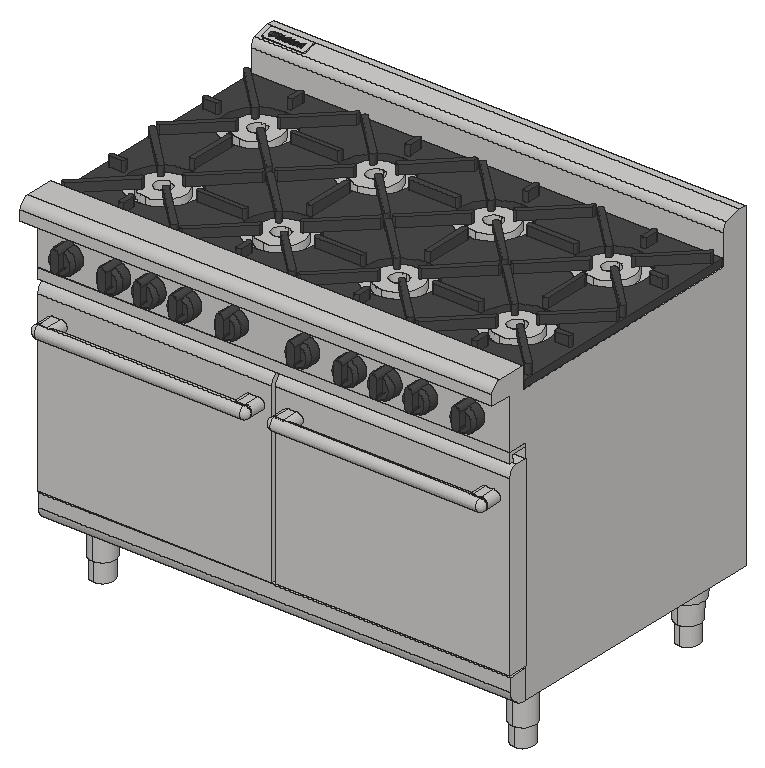
Revit family "QF_MOFFAT WALDORF_RNL8820G", category Specialty Equipment, Revit 2012 (continued)
Forms (in)
  Extrusion 26, solid, material "QF_Finishes_Black"
    sketch origin (41.27685, 0, 0.00923) x (-1, 0, 0) y (0, 0, -1)
      loop
        line (5.44488, -31.06299) -> (5.44488, -32.44095)
        arc (5.44488, -32.44095) -> (5.83858, -32.83465) -> (6.23228, -32.44095) r 0.3937
        line (6.23228, -32.44095) -> (6.23228, -31.06299)
    from 29.88189 to 31.81102
  Revolve 27, solid, material "QF_Finishes_Black"
    sketch origin (39.00194, 1.53049, -0.00307) x (0, 1, 0) y (0, 0, -1)
      loop
        line (-32.31789, -32.65748) -> (-31.41238, -32.65748) -> (-31.41238, -31.5748) -> (-31.01868, -31.5748) -> (-31.01868, -31.37795) -> (-32.75096, -31.37795) -> (-32.75096, -32.42721) -> (-32.31789, -32.65748)
      axis (-32.75096, -31.37795) -> (-31.01868, -31.37795)
    angle from 0 to 360
  Revolve 28, solid, material "QF_Finishes_Black"
    sketch origin (43.72539, 1.53049, -0.00307) x (0, 1, 0) y (0, 0, -1)
      loop
        line (-32.31789, -32.65748) -> (-31.41238, -32.65748) -> (-31.41238, -31.5748) -> (-31.01868, -31.5748) -> (-31.01868, -31.37795) -> (-32.75096, -31.37795) -> (-32.75096, -32.42721) -> (-32.31789, -32.65748)
      axis (-32.75096, -31.37795) -> (-31.01868, -31.37795)
    angle from 0 to 360
  Extrusion 29, solid, material "QF_Finishes_Black"
    sketch origin (44.82111, 0, -0.00307) x (-1, 0, 0) y (0, 0, -1)
      loop
        arc (6.23228, -31.06299) -> (5.83858, -30.66929) -> (5.44488, -31.06299) r 0.3937
        line (5.44488, -31.06299) -> (5.44488, -32.44095)
        arc (5.44488, -32.44095) -> (5.83858, -32.83465) -> (6.23228, -32.44095) r 0.3937
        line (6.23228, -32.44095) -> (6.23228, -31.06299)
    from 29.88189 to 31.81102
  Extrusion 30, solid, material "QF_Finishes_Black"
    sketch origin (49.54456, 0, -0.00307) x (-1, 0, 0) y (0, 0, -1)
      loop
        arc (6.23228, -31.06299) -> (5.83858, -30.66929) -> (5.44488, -31.06299) r 0.3937
        line (5.44488, -31.06299) -> (5.44488, -32.44095)
        arc (5.44488, -32.44095) -> (5.83858, -32.83465) -> (6.23228, -32.44095) r 0.3937
        line (6.23228, -32.44095) -> (6.23228, -31.06299)
    from 29.88189 to 31.81102
  Extrusion 31, solid, material "QF_Door-Drawer Clearances", visible <- "Show Clearance", detail levels coarse
    sketch origin (30.03404, 0, 0) x (0, 1, 0) y (0, 0, 1)
      loop
        arc (-29.48819, 27.45461) -> (-42.56819, 22.03669) -> (-47.9861, 8.95669) r 18.49792
        line (-47.9861, 8.95669) -> (-29.48819, 8.95669) -> (-29.48819, 27.45461)
    from -6.59115 to -30.03404
  Extrusion 32, solid, material "QF_Door-Drawer Clearances", visible <- "Show Clearance", detail levels coarse
    sketch origin (17.21005, 0, 0) x (0, 1, 0) y (0, 0, -1)
      loop
        line (-29.48819, -27.45461) -> (-29.48819, -8.95669) -> (-47.9861, -8.95669)
        arc (-47.9861, -8.95669) -> (-42.56819, -22.03669) -> (-29.48819, -27.45461) r 18.49792
    from -6.59115 to -30.03404
  Extrusion 33, void
    sketch origin (0, 0, 5.90551) x (-1, 0, 0) y (0, -1, 0)
      loop
        line (-44.64521, 3.43545) -> (-44.64521, -1.19053) -> (-39.54678, -1.19053) -> (-39.54678, 1.526) -> (-41.45623, 3.43545) -> (-44.64521, 3.43545)
    from 2.85433 to 21.64789
  Extrusion 34, solid, material "QF_Finishes_Stainless Steel"
    sketch origin (0, -29.48819, 8.95669) x (0, 0, 1) y (-1, 0, 0)
      loop
        line (14.98524, -1.50577) -> (14.98524, -2.30426)
        arc (14.98524, -2.30426) -> (15.57579, -2.89481) -> (16.16634, -2.30426) r 0.59055
        line (16.16634, -2.30426) -> (16.16634, -1.50577)
        arc (16.16634, -1.50577) -> (15.57579, -0.91521) -> (14.98524, -1.50577) r 0.59055
      loop
        arc (14.98524, -22.06847) -> (15.57579, -22.65902) -> (16.16634, -22.06847) r 0.59055
        line (16.16634, -22.06847) -> (16.16634, -21.26998)
        arc (16.16634, -21.26998) -> (15.57579, -20.67943) -> (14.98524, -21.26998) r 0.59055
        line (14.98524, -21.26998) -> (14.98524, -22.06847)
    from 0 to 1.73228
  Revolve 35, solid, material "QF_Finishes_Stainless Steel"
    sketch origin (0, -31.22047, 0) x (1, 0, 0) y (0, 0, 1)
      loop
        arc (22.67133, 24.53248) -> (22.49836, 24.95006) -> (22.08078, 25.12303) r 0.59055
        line (22.08078, 25.12303) -> (1.50577, 25.12303)
        arc (1.50577, 25.12303) -> (1.08818, 24.95006) -> (0.91521, 24.53248) r 0.59055
        line (0.91521, 24.53248) -> (22.67133, 24.53248)
      axis (22.67133, 24.53248) -> (0.91521, 24.53248)
    angle from 0 to 360
  Extrusion 36, solid, material "QF_Finishes_Stainless Steel"
    sketch origin (23.62205, -29.48819, 8.95669) x (0, 0, 1) y (-1, 0, 0)
      loop
        line (14.98524, -1.50577) -> (14.98524, -2.30426)
        arc (14.98524, -2.30426) -> (15.57579, -2.89481) -> (16.16634, -2.30426) r 0.59055
        line (16.16634, -2.30426) -> (16.16634, -1.50577)
        arc (16.16634, -1.50577) -> (15.57579, -0.91521) -> (14.98524, -1.50577) r 0.59055
      loop
        arc (14.98524, -22.06847) -> (15.57579, -22.65902) -> (16.16634, -22.06847) r 0.59055
        line (16.16634, -22.06847) -> (16.16634, -21.26998)
        arc (16.16634, -21.26998) -> (15.57579, -20.67943) -> (14.98524, -21.26998) r 0.59055
        line (14.98524, -21.26998) -> (14.98524, -22.06847)
    from 0 to 1.73228
  Revolve 37, solid, material "QF_Finishes_Stainless Steel"
    sketch origin (23.62205, -31.22047, 0) x (1, 0, 0) y (0, 0, 1)
      loop
        arc (22.67133, 24.53248) -> (22.49836, 24.95006) -> (22.08078, 25.12303) r 0.59055
        line (22.08078, 25.12303) -> (1.50577, 25.12303)
        arc (1.50577, 25.12303) -> (1.08818, 24.95006) -> (0.91521, 24.53248) r 0.59055
        line (0.91521, 24.53248) -> (22.67133, 24.53248)
      axis (22.67133, 24.53248) -> (0.91521, 24.53248)
    angle from 0 to 360
  Extrusion 38, solid, material "QF_Finishes_Stainless Steel"
    sketch origin (0, -2.75591, 33.92913) x (0, -1, 0) y (1, 0, 0)
      loop
        circle (6.59449, 17.71654) r 2.24409
      loop
        circle (18.40551, 17.71654) r 2.24409
      loop
        circle (18.40551, 5.90551) r 2.24409
      loop
        circle (6.59449, 5.90551) r 2.24409
      loop
        circle (18.40551, 29.52756) r 2.24409
      loop
        circle (6.59449, 29.52756) r 2.24409
      loop
        circle (18.40551, 41.33858) r 2.24409
      loop
        circle (6.59449, 41.33858) r 2.24409
      loop
        circle (18.40551, 5.90551) r 0.86614
      loop
        circle (18.40551, 17.71654) r 0.86614
      loop
        circle (18.40551, 29.52756) r 0.86614
      loop
        circle (18.40551, 41.33858) r 0.86614
      loop
        circle (6.59449, 41.33858) r 0.86614
      loop
        circle (6.59449, 29.52756) r 0.86614
      loop
        circle (6.59449, 17.71654) r 0.86614
      loop
        circle (6.59449, 5.90551) r 0.86614
    from 0 to 0.76772
Cuts and joins
  Extrusion 16, Extrusion 33 cuts Extrusion 1
  Extrusion 16 cuts Extrusion 2
Lines and regions (in)
  Split face 1
    outline origin (0, -0.64961, 38.18898) x (0, -0.965926, -0.258819) y (1, 0, 0)
      loop
        line (0.07725, 5.1017) -> (1.16369, 5.1017) -> (1.16369, 5.8891) -> (0.07725, 5.8891) -> (0.07725, 5.1017)
  Split face 2
    outline origin (0, -0.64961, 38.18898) x (0, -0.965926, -0.258819) y (1, 0, 0)
      loop
        line (1.16369, 6.16142) -> (1.16369, 6.94882) -> (0.07725, 6.94882) -> (0.07725, 6.16142) -> (1.16369, 6.16142)
  Split face 3
    outline origin (0, -0.64961, 38.18898) x (0, -0.965926, -0.258819) y (1, 0, 0)
      loop
        line (1.16369, 8.01181) -> (0.07725, 8.01181) -> (0.07725, 7.22441) -> (1.16369, 7.22441) -> (1.16369, 8.01181)
  Split face 4
    outline origin (0, -0.64961, 38.18898) x (0, -0.965926, -0.258819) y (1, 0, 0)
      loop
        line (1.16369, 9.0748) -> (0.07725, 9.0748) -> (0.07725, 8.2874) -> (1.16369, 8.2874) -> (1.16369, 9.0748)
  Split face 5
    outline origin (0, -0.64961, 38.18898) x (0, -0.965926, -0.258819) y (1, 0, 0)
      loop
        line (1.16369, 10.1378) -> (0.07725, 10.1378) -> (0.07725, 9.35039) -> (1.16369, 9.35039) -> (1.16369, 10.1378)
  Split face 6
    outline origin (2.12598, -0.64961, 38.18898) x (0, -0.965926, -0.258819) y (1, 0, 0)
      loop
        line (1.16369, 9.0748) -> (0.07725, 9.0748) -> (0.07725, 8.2874) -> (1.16369, 8.2874) -> (1.16369, 9.0748)
  Split face 7
    outline origin (2.12598, -0.64961, 38.18898) x (0, -0.965926, -0.258819) y (1, 0, 0)
      loop
        line (1.16369, 10.1378) -> (0.07725, 10.1378) -> (0.07725, 9.35039) -> (1.16369, 9.35039) -> (1.16369, 10.1378)
  Split face 8
    outline origin (5.31496, -0.64961, 38.18898) x (0, -0.965926, -0.258819) y (1, 0, 0)
      loop
        line (1.16369, 8.01181) -> (0.07725, 8.01181) -> (0.07725, 7.22441) -> (1.16369, 7.22441) -> (1.16369, 8.01181)
  Split face 9
    outline origin (5.31496, -0.64961, 38.18898) x (0, -0.965926, -0.258819) y (1, 0, 0)
      loop
        line (1.16369, 9.0748) -> (0.07725, 9.0748) -> (0.07725, 8.2874) -> (1.16369, 8.2874) -> (1.16369, 9.0748)
  Split face 10
    outline origin (5.31496, -0.64961, 38.18898) x (0, -0.965926, -0.258819) y (1, 0, 0)
      loop
        line (1.16369, 10.1378) -> (0.07725, 10.1378) -> (0.07725, 9.35039) -> (1.16369, 9.35039) -> (1.16369, 10.1378)
  Split face 11
    outline origin (7.44094, -0.64961, 38.18898) x (0, -0.965926, -0.258819) y (1, 0, 0)
      loop
        line (1.16369, 9.0748) -> (0.07725, 9.0748) -> (0.07725, 8.2874) -> (1.16369, 8.2874) -> (1.16369, 9.0748)
  Split face 12
    outline origin (7.44094, -0.64961, 38.18898) x (0, -0.965926, -0.258819) y (1, 0, 0)
      loop
        line (1.16369, 10.1378) -> (0.07725, 10.1378) -> (0.07725, 9.35039) -> (1.16369, 9.35039) -> (1.16369, 10.1378)
  Split face 13
    outline origin (10.62992, -0.64961, 38.18898) x (0, -0.965926, -0.258819) y (1, 0, 0)
      loop
        line (1.16369, 8.01181) -> (0.07725, 8.01181) -> (0.07725, 7.22441) -> (1.16369, 7.22441) -> (1.16369, 8.01181)
  Split face 14
    outline origin (10.62992, -0.64961, 38.18898) x (0, -0.965926, -0.258819) y (1, 0, 0)
      loop
        line (1.16369, 9.0748) -> (0.07725, 9.0748) -> (0.07725, 8.2874) -> (1.16369, 8.2874) -> (1.16369, 9.0748)
  Split face 15
    outline origin (10.62992, -0.64961, 38.18898) x (0, -0.965926, -0.258819) y (1, 0, 0)
      loop
        line (1.16369, 10.1378) -> (0.07725, 10.1378) -> (0.07725, 9.35039) -> (1.16369, 9.35039) -> (1.16369, 10.1378)
  Split face 16
    outline origin (12.75591, -0.64961, 38.18898) x (0, -0.965926, -0.258819) y (1, 0, 0)
      loop
        line (1.16369, 9.0748) -> (0.07725, 9.0748) -> (0.07725, 8.2874) -> (1.16369, 8.2874) -> (1.16369, 9.0748)
  Split face 17
    outline origin (12.75591, -0.64961, 38.18898) x (0, -0.965926, -0.258819) y (1, 0, 0)
      loop
        line (1.16369, 10.1378) -> (0.07725, 10.1378) -> (0.07725, 9.35039) -> (1.16369, 9.35039) -> (1.16369, 10.1378)
  Split face 18
    outline origin (15.94488, -0.64961, 38.18898) x (0, -0.965926, -0.258819) y (1, 0, 0)
      loop
        line (1.16369, 8.01181) -> (0.07725, 8.01181) -> (0.07725, 7.22441) -> (1.16369, 7.22441) -> (1.16369, 8.01181)
  Split face 19
    outline origin (15.94488, -0.64961, 38.18898) x (0, -0.965926, -0.258819) y (1, 0, 0)
      loop
        line (1.16369, 9.0748) -> (0.07725, 9.0748) -> (0.07725, 8.2874) -> (1.16369, 8.2874) -> (1.16369, 9.0748)
  Split face 20
    outline origin (15.94488, -0.64961, 38.18898) x (0, -0.965926, -0.258819) y (1, 0, 0)
      loop
        line (1.16369, 10.1378) -> (0.07725, 10.1378) -> (0.07725, 9.35039) -> (1.16369, 9.35039) -> (1.16369, 10.1378)
  Split face 21
    outline origin (18.07087, -0.64961, 38.18898) x (0, -0.965926, -0.258819) y (1, 0, 0)
      loop
        line (1.16369, 9.0748) -> (0.07725, 9.0748) -> (0.07725, 8.2874) -> (1.16369, 8.2874) -> (1.16369, 9.0748)
  Split face 22
    outline origin (18.07087, -0.64961, 38.18898) x (0, -0.965926, -0.258819) y (1, 0, 0)
      loop
        line (1.16369, 10.1378) -> (0.07725, 10.1378) -> (0.07725, 9.35039) -> (1.16369, 9.35039) -> (1.16369, 10.1378)
  Split face 23
    outline origin (21.25984, -0.64961, 38.18898) x (0, -0.965926, -0.258819) y (1, 0, 0)
      loop
        line (1.16369, 8.01181) -> (0.07725, 8.01181) -> (0.07725, 7.22441) -> (1.16369, 7.22441) -> (1.16369, 8.01181)
  Split face 24
    outline origin (21.25984, -0.64961, 38.18898) x (0, -0.965926, -0.258819) y (1, 0, 0)
      loop
        line (1.16369, 9.0748) -> (0.07725, 9.0748) -> (0.07725, 8.2874) -> (1.16369, 8.2874) -> (1.16369, 9.0748)
  Split face 25
    outline origin (21.25984, -0.64961, 38.18898) x (0, -0.965926, -0.258819) y (1, 0, 0)
      loop
        line (1.16369, 10.1378) -> (0.07725, 10.1378) -> (0.07725, 9.35039) -> (1.16369, 9.35039) -> (1.16369, 10.1378)
  Split face 26
    outline origin (23.38583, -0.64961, 38.18898) x (0, -0.965926, -0.258819) y (1, 0, 0)
      loop
        line (1.16369, 9.0748) -> (0.07725, 9.0748) -> (0.07725, 8.2874) -> (1.16369, 8.2874) -> (1.16369, 9.0748)
  Split face 27
    outline origin (23.38583, -0.64961, 38.18898) x (0, -0.965926, -0.258819) y (1, 0, 0)
      loop
        line (1.16369, 10.1378) -> (0.07725, 10.1378) -> (0.07725, 9.35039) -> (1.16369, 9.35039) -> (1.16369, 10.1378)
  Split face 28
    outline origin (25.51181, -0.64961, 38.18898) x (0, -0.965926, -0.258819) y (1, 0, 0)
      loop
        line (1.16369, 9.0748) -> (0.07725, 9.0748) -> (0.07725, 8.2874) -> (1.16369, 8.2874) -> (1.16369, 9.0748)
  Split face 29
    outline origin (25.51181, -0.64961, 38.18898) x (0, -0.965926, -0.258819) y (1, 0, 0)
      loop
        line (1.16369, 10.1378) -> (0.07725, 10.1378) -> (0.07725, 9.35039) -> (1.16369, 9.35039) -> (1.16369, 10.1378)
  Split face 30
    outline origin (27.6378, -0.64961, 38.18898) x (0, -0.965926, -0.258819) y (1, 0, 0)
      loop
        line (1.16369, 9.0748) -> (0.07725, 9.0748) -> (0.07725, 8.2874) -> (1.16369, 8.2874) -> (1.16369, 9.0748)
  Split face 31
    outline origin (27.6378, -0.64961, 38.18898) x (0, -0.965926, -0.258819) y (1, 0, 0)
      loop
        line (1.16369, 10.1378) -> (0.07725, 10.1378) -> (0.07725, 9.35039) -> (1.16369, 9.35039) -> (1.16369, 10.1378)
  Split face 32
    outline origin (29.76378, -0.64961, 38.18898) x (0, -0.965926, -0.258819) y (1, 0, 0)
      loop
        line (1.16369, 9.0748) -> (0.07725, 9.0748) -> (0.07725, 8.2874) -> (1.16369, 8.2874) -> (1.16369, 9.0748)
  Split face 33
    outline origin (29.76378, -0.64961, 38.18898) x (0, -0.965926, -0.258819) y (1, 0, 0)
      loop
        line (1.16369, 10.1378) -> (0.07725, 10.1378) -> (0.07725, 9.35039) -> (1.16369, 9.35039) -> (1.16369, 10.1378)
  Split face 34
    outline origin (31.88976, -0.64961, 38.18898) x (0, -0.965926, -0.258819) y (1, 0, 0)
      loop
        line (1.16369, 9.0748) -> (0.07725, 9.0748) -> (0.07725, 8.2874) -> (1.16369, 8.2874) -> (1.16369, 9.0748)
  Split face 35
    outline origin (31.88976, -0.64961, 38.18898) x (0, -0.965926, -0.258819) y (1, 0, 0)
      loop
        line (1.16369, 10.1378) -> (0.07725, 10.1378) -> (0.07725, 9.35039) -> (1.16369, 9.35039) -> (1.16369, 10.1378)
  Split face 36
    outline origin (34.01575, -0.64961, 38.18898) x (0, -0.965926, -0.258819) y (1, 0, 0)
      loop
        line (1.16369, 9.0748) -> (0.07725, 9.0748) -> (0.07725, 8.2874) -> (1.16369, 8.2874) -> (1.16369, 9.0748)
  Split face 37
    outline origin (47.24409, -29.48819, 34.09449) x (-1, 0, 0) y (0, 0, -1)
      loop
        circle (37.9331, 3.90891) r 0.23622
  symbolic lines
    curve 1: line (0, 0, 0) -> (0, -31.69291, 0)
    curve 2: line (47.24409, 0, 0) -> (0, 0, 0)
    curve 3: line (47.24409, -31.69291, 0) -> (47.24409, 0, 0)
    curve 4: line (0, -2.75591, 0) -> (47.24409, -2.75591, 0)
    curve 5: line (0.49213, -2.01709, 0) -> (0.49213, -0.8251, 0)
    curve 6: line (0.49213, -0.8251, 0) -> (4.78346, -0.8251, 0)
    curve 7: line (0.49213, -2.01709, 0) -> (4.78346, -2.01709, 0)
    curve 8: line (4.78346, -0.8251, 0) -> (4.78346, -2.01709, 0)
    curve 9: line (5.1017, -0.87644, 0) -> (5.1017, -1.9892, 0)
    curve 10: line (5.1017, -1.9892, 0) -> (5.8891, -1.9892, 0)
    curve 11: line (5.8891, -1.9892, 0) -> (5.8891, -0.87644, 0)
    curve 12: line (5.8891, -0.87644, 0) -> (5.1017, -0.87644, 0)
    curve 13: line (6.16142, -0.87644, 0) -> (6.16142, -1.9892, 0)
    curve 14: line (6.16142, -1.9892, 0) -> (6.94882, -1.9892, 0)
    curve 15: line (6.94882, -1.9892, 0) -> (6.94882, -0.87644, 0)
    curve 16: line (6.94882, -0.87644, 0) -> (6.16142, -0.87644, 0)
    curve 17: line (7.22441, -0.87644, 0) -> (7.22441, -1.9892, 0)
    curve 18: line (7.22441, -1.9892, 0) -> (8.01181, -1.9892, 0)
    curve 19: line (8.01181, -1.9892, 0) -> (8.01181, -0.87644, 0)
    curve 20: line (8.01181, -0.87644, 0) -> (7.22441, -0.87644, 0)
    curve 21: line (8.2874, -0.87644, 0) -> (8.2874, -1.9892, 0)
    curve 22: line (8.2874, -1.9892, 0) -> (9.0748, -1.9892, 0)
    curve 23: line (9.0748, -1.9892, 0) -> (9.0748, -0.87644, 0)
    curve 24: line (9.0748, -0.87644, 0) -> (8.2874, -0.87644, 0)
    curve 25: line (47.24409, -31.69291, 0) -> (0, -31.69291, 0)
    curve 26: line (9.35039, -0.87644, 0) -> (9.35039, -1.9892, 0)
    curve 27: line (9.35039, -1.9892, 0) -> (10.1378, -1.9892, 0)
    curve 28: line (10.1378, -1.9892, 0) -> (10.1378, -0.87644, 0)
    curve 29: line (10.1378, -0.87644, 0) -> (9.35039, -0.87644, 0)
    curve 30: line (47.24409, -27.91339, 0) -> (0, -27.91339, 0)
    curve 31: line (0, -27.78346, 0) -> (47.24409, -27.78346, 0)
    curve 32: line (47.24409, -2.86354, 0) -> (0, -2.86354, 0)
    curve 33: arc (0.89175, -31.69291, 0) -> (1.34266, -32.09755, 0) -> (1.92476, -32.26552, 0) r 1.3565
    curve 34: line (1.92476, -32.26552, 0) -> (21.10231, -32.26552, 0)
    curve 35: arc (21.10231, -32.26552, 0) -> (21.67492, -32.11209, 0) -> (22.0941, -31.69291, 0) r 1.14522
    curve 36: line (0.23937, -3.71601, 0) -> (4.78405, -8.26069, 0)
    curve 37: line (11.57165, -3.71601, 0) -> (7.02697, -8.26069, 0)
    curve 38: line (0.23937, -14.98478, 0) -> (4.78405, -10.4401, 0)
    curve 39: line (11.57165, -14.98478, 0) -> (7.02697, -10.4401, 0)
    curve 40: line (14.28268, -9.3626, 0) -> (9.36142, -9.3626, 0)
    curve 41: line (14.28268, -21.17363, 0) -> (9.36142, -21.17363, 0)
    curve 42: line (0.23937, -15.53758, 0) -> (4.78405, -20.08226, 0)
    curve 43: line (11.57165, -15.53758, 0) -> (7.02697, -20.08226, 0)
    curve 44: line (0.23937, -26.80635, 0) -> (4.78405, -22.26167, 0)
    curve 45: line (11.57165, -26.80635, 0) -> (7.02697, -22.26167, 0)
    curve 46: arc (5.90551, -11.59449, 0) -> (8.14961, -9.35039, 0) -> (5.90551, -7.1063, 0) r 2.24409
    curve 47: arc (5.90551, -7.1063, 0) -> (3.66142, -9.35039, 0) -> (5.90551, -11.59449, 0) r 2.24409
    curve 48: arc (5.90551, -23.40551, 0) -> (8.14961, -21.16142, 0) -> (5.90551, -18.91732, 0) r 2.24409
    curve 49: arc (5.90551, -18.91732, 0) -> (3.66142, -21.16142, 0) -> (5.90551, -23.40551, 0) r 2.24409
    curve 50: line (10.41339, -0.87644, 0) -> (10.41339, -1.9892, 0)
    curve 51: line (10.41339, -1.9892, 0) -> (11.20079, -1.9892, 0)
    curve 52: line (11.20079, -1.9892, 0) -> (11.20079, -0.87644, 0)
    curve 53: line (11.20079, -0.87644, 0) -> (10.41339, -0.87644, 0)
    curve 54: line (11.47638, -0.87644, 0) -> (11.47638, -1.9892, 0)
    curve 55: line (11.47638, -1.9892, 0) -> (12.26378, -1.9892, 0)
    curve 56: line (12.26378, -1.9892, 0) -> (12.26378, -0.87644, 0)
    curve 57: line (12.26378, -0.87644, 0) -> (11.47638, -0.87644, 0)
    curve 58: line (12.53937, -0.87644, 0) -> (12.53937, -1.9892, 0)
    curve 59: line (12.53937, -1.9892, 0) -> (13.32677, -1.9892, 0)
    curve 60: line (13.32677, -1.9892, 0) -> (13.32677, -0.87644, 0)
    curve 61: line (13.32677, -0.87644, 0) -> (12.53937, -0.87644, 0)
    curve 62: line (13.60236, -0.87644, 0) -> (13.60236, -1.9892, 0)
    curve 63: line (13.60236, -1.9892, 0) -> (14.38976, -1.9892, 0)
    curve 64: line (14.38976, -1.9892, 0) -> (14.38976, -0.87644, 0)
    curve 65: line (14.38976, -0.87644, 0) -> (13.60236, -0.87644, 0)
    curve 66: line (14.66535, -0.87644, 0) -> (14.66535, -1.9892, 0)
    curve 67: line (14.66535, -1.9892, 0) -> (15.45276, -1.9892, 0)
    curve 68: line (15.45276, -1.9892, 0) -> (15.45276, -0.87644, 0)
    curve 69: line (15.45276, -0.87644, 0) -> (14.66535, -0.87644, 0)
    curve 70: line (15.72835, -0.87644, 0) -> (15.72835, -1.9892, 0)
    curve 71: line (15.72835, -1.9892, 0) -> (16.51575, -1.9892, 0)
    curve 72: line (16.51575, -1.9892, 0) -> (16.51575, -0.87644, 0)
    curve 73: line (16.51575, -0.87644, 0) -> (15.72835, -0.87644, 0)
    curve 74: line (16.79134, -0.87644, 0) -> (16.79134, -1.9892, 0)
    curve 75: line (16.79134, -1.9892, 0) -> (17.57874, -1.9892, 0)
    curve 76: line (17.57874, -1.9892, 0) -> (17.57874, -0.87644, 0)
    curve 77: line (17.57874, -0.87644, 0) -> (16.79134, -0.87644, 0)
    curve 78: line (17.85433, -0.87644, 0) -> (17.85433, -1.9892, 0)
    curve 79: line (17.85433, -1.9892, 0) -> (18.64173, -1.9892, 0)
    curve 80: line (18.64173, -1.9892, 0) -> (18.64173, -0.87644, 0)
    curve 81: line (18.64173, -0.87644, 0) -> (17.85433, -0.87644, 0)
    curve 82: line (18.91732, -0.87644, 0) -> (18.91732, -1.9892, 0)
    curve 83: line (18.91732, -1.9892, 0) -> (19.70472, -1.9892, 0)
    curve 84: line (19.70472, -1.9892, 0) -> (19.70472, -0.87644, 0)
    curve 85: line (19.70472, -0.87644, 0) -> (18.91732, -0.87644, 0)
    curve 86: line (19.98032, -0.87644, 0) -> (19.98032, -1.9892, 0)
    curve 87: line (19.98032, -1.9892, 0) -> (20.76772, -1.9892, 0)
    curve 88: line (20.76772, -1.9892, 0) -> (20.76772, -0.87644, 0)
    curve 89: line (20.76772, -0.87644, 0) -> (19.98032, -0.87644, 0)
    curve 90: line (21.04331, -0.87644, 0) -> (21.04331, -1.9892, 0)
    curve 91: line (21.04331, -1.9892, 0) -> (21.83071, -1.9892, 0)
    curve 92: line (21.83071, -1.9892, 0) -> (21.83071, -0.87644, 0)
    curve 93: line (21.83071, -0.87644, 0) -> (21.04331, -0.87644, 0)
    curve 94: line (22.1063, -0.87644, 0) -> (22.1063, -1.9892, 0)
    curve 95: line (22.1063, -1.9892, 0) -> (22.8937, -1.9892, 0)
    curve 96: line (22.8937, -1.9892, 0) -> (22.8937, -0.87644, 0)
    curve 97: line (22.8937, -0.87644, 0) -> (22.1063, -0.87644, 0)
    curve 98: line (23.16929, -0.87644, 0) -> (23.16929, -1.9892, 0)
    curve 99: line (23.16929, -1.9892, 0) -> (23.95669, -1.9892, 0)
    curve 100: line (23.95669, -1.9892, 0) -> (23.95669, -0.87644, 0)
    curve 101: line (23.95669, -0.87644, 0) -> (23.16929, -0.87644, 0)
    curve 102: line (24.23228, -0.87644, 0) -> (24.23228, -1.9892, 0)
    curve 103: line (24.23228, -1.9892, 0) -> (25.01969, -1.9892, 0)
    curve 104: line (25.01969, -1.9892, 0) -> (25.01969, -0.87644, 0)
    curve 105: line (25.01969, -0.87644, 0) -> (24.23228, -0.87644, 0)
    curve 106: line (25.29528, -0.87644, 0) -> (25.29528, -1.9892, 0)
    curve 107: line (25.29528, -1.9892, 0) -> (26.08268, -1.9892, 0)
    curve 108: line (26.08268, -1.9892, 0) -> (26.08268, -0.87644, 0)
    curve 109: line (26.08268, -0.87644, 0) -> (25.29528, -0.87644, 0)
    curve 110: line (26.35827, -0.87644, 0) -> (26.35827, -1.9892, 0)
    curve 111: line (26.35827, -1.9892, 0) -> (27.14567, -1.9892, 0)
    curve 112: line (27.14567, -1.9892, 0) -> (27.14567, -0.87644, 0)
    curve 113: line (27.14567, -0.87644, 0) -> (26.35827, -0.87644, 0)
    curve 114: line (27.42126, -0.87644, 0) -> (27.42126, -1.9892, 0)
    curve 115: line (27.42126, -1.9892, 0) -> (28.20866, -1.9892, 0)
    curve 116: line (28.20866, -1.9892, 0) -> (28.20866, -0.87644, 0)
    curve 117: line (28.20866, -0.87644, 0) -> (27.42126, -0.87644, 0)
    curve 118: line (28.48425, -0.87644, 0) -> (28.48425, -1.9892, 0)
    curve 119: line (28.48425, -1.9892, 0) -> (29.27165, -1.9892, 0)
    curve 120: line (29.27165, -1.9892, 0) -> (29.27165, -0.87644, 0)
    curve 121: line (29.27165, -0.87644, 0) -> (28.48425, -0.87644, 0)
    curve 122: line (29.54724, -0.87644, 0) -> (29.54724, -1.9892, 0)
    curve 123: line (29.54724, -1.9892, 0) -> (30.33465, -1.9892, 0)
    curve 124: line (30.33465, -1.9892, 0) -> (30.33465, -0.87644, 0)
    curve 125: line (30.33465, -0.87644, 0) -> (29.54724, -0.87644, 0)
    curve 126: line (30.61024, -0.87644, 0) -> (30.61024, -1.9892, 0)
    curve 127: line (30.61024, -1.9892, 0) -> (31.39764, -1.9892, 0)
    curve 128: line (31.39764, -1.9892, 0) -> (31.39764, -0.87644, 0)
    curve 129: line (31.39764, -0.87644, 0) -> (30.61024, -0.87644, 0)
    curve 130: line (31.67323, -0.87644, 0) -> (31.67323, -1.9892, 0)
    curve 131: line (31.67323, -1.9892, 0) -> (32.46063, -1.9892, 0)
    curve 132: line (32.46063, -1.9892, 0) -> (32.46063, -0.87644, 0)
    curve 133: line (32.46063, -0.87644, 0) -> (31.67323, -0.87644, 0)
    curve 134: line (32.73622, -0.87644, 0) -> (32.73622, -1.9892, 0)
    curve 135: line (32.73622, -1.9892, 0) -> (33.52362, -1.9892, 0)
    curve 136: line (33.52362, -1.9892, 0) -> (33.52362, -0.87644, 0)
    curve 137: line (33.52362, -0.87644, 0) -> (32.73622, -0.87644, 0)
    curve 138: line (33.79921, -0.87644, 0) -> (33.79921, -1.9892, 0)
    curve 139: line (33.79921, -1.9892, 0) -> (34.58661, -1.9892, 0)
    curve 140: line (34.58661, -1.9892, 0) -> (34.58661, -0.87644, 0)
    curve 141: line (34.58661, -0.87644, 0) -> (33.79921, -0.87644, 0)
    curve 142: line (34.8622, -0.87644, 0) -> (34.8622, -1.9892, 0)
    curve 143: line (34.8622, -1.9892, 0) -> (35.64961, -1.9892, 0)
    curve 144: line (35.64961, -1.9892, 0) -> (35.64961, -0.87644, 0)
    curve 145: line (35.64961, -0.87644, 0) -> (34.8622, -0.87644, 0)
    curve 146: line (35.9252, -0.87644, 0) -> (35.9252, -1.9892, 0)
    curve 147: line (35.9252, -1.9892, 0) -> (36.7126, -1.9892, 0)
    curve 148: line (36.7126, -1.9892, 0) -> (36.7126, -0.87644, 0)
    curve 149: line (36.7126, -0.87644, 0) -> (35.9252, -0.87644, 0)
    curve 150: line (36.98819, -0.87644, 0) -> (36.98819, -1.9892, 0)
    curve 151: line (36.98819, -1.9892, 0) -> (37.77559, -1.9892, 0)
    curve 152: line (37.77559, -1.9892, 0) -> (37.77559, -0.87644, 0)
    curve 153: line (37.77559, -0.87644, 0) -> (36.98819, -0.87644, 0)
    curve 154: line (38.05118, -0.87644, 0) -> (38.05118, -1.9892, 0)
    curve 155: line (38.05118, -1.9892, 0) -> (38.83858, -1.9892, 0)
    curve 156: line (38.83858, -1.9892, 0) -> (38.83858, -0.87644, 0)
    curve 157: line (38.83858, -0.87644, 0) -> (38.05118, -0.87644, 0)
    curve 158: line (39.11417, -0.87644, 0) -> (39.11417, -1.9892, 0)
    curve 159: line (39.11417, -1.9892, 0) -> (39.90157, -1.9892, 0)
    curve 160: line (39.90157, -1.9892, 0) -> (39.90157, -0.87644, 0)
    curve 161: line (39.90157, -0.87644, 0) -> (39.11417, -0.87644, 0)
    curve 162: line (40.17717, -0.87644, 0) -> (40.17717, -1.9892, 0)
    curve 163: line (40.17717, -1.9892, 0) -> (40.96457, -1.9892, 0)
    curve 164: line (40.96457, -1.9892, 0) -> (40.96457, -0.87644, 0)
    curve 165: line (40.96457, -0.87644, 0) -> (40.17717, -0.87644, 0)
    curve 166: line (41.24016, -0.87644, 0) -> (41.24016, -1.9892, 0)
    curve 167: line (41.24016, -1.9892, 0) -> (42.02756, -1.9892, 0)
    curve 168: line (42.02756, -1.9892, 0) -> (42.02756, -0.87644, 0)
    curve 169: line (42.02756, -0.87644, 0) -> (41.24016, -0.87644, 0)
    curve 170: line (42.30315, -0.87644, 0) -> (42.30315, -1.9892, 0)
    curve 171: line (42.30315, -1.9892, 0) -> (43.09055, -1.9892, 0)
    curve 172: line (43.09055, -1.9892, 0) -> (43.09055, -0.87644, 0)
    curve 173: line (43.09055, -0.87644, 0) -> (42.30315, -0.87644, 0)
    curve 174: line (12.05039, -3.71601, 0) -> (16.59508, -8.26069, 0)
    curve 175: line (23.38268, -3.71601, 0) -> (18.83799, -8.26069, 0)
    curve 176: line (12.05039, -14.98478, 0) -> (16.59508, -10.4401, 0)
    curve 177: line (23.38268, -14.98478, 0) -> (18.83799, -10.4401, 0)
    curve 178: line (26.0937, -9.3626, 0) -> (21.17244, -9.3626, 0)
    curve 179: arc (17.71654, -11.59449, 0) -> (19.96063, -9.35039, 0) -> (17.71654, -7.1063, 0) r 2.24409
    curve 180: arc (17.71654, -7.1063, 0) -> (15.47244, -9.35039, 0) -> (17.71654, -11.59449, 0) r 2.24409
    curve 181: arc (29.52756, -11.59449, 0) -> (31.77165, -9.35039, 0) -> (29.52756, -7.1063, 0) r 2.24409
    curve 182: arc (29.52756, -7.1063, 0) -> (27.28346, -9.35039, 0) -> (29.52756, -11.59449, 0) r 2.24409
    curve 183: arc (41.33858, -11.59449, 0) -> (43.58268, -9.35039, 0) -> (41.33858, -7.1063, 0) r 2.24409
    curve 184: arc (41.33858, -7.1063, 0) -> (39.09449, -9.35039, 0) -> (41.33858, -11.59449, 0) r 2.24409
    curve 185: line (23.86142, -3.71601, 0) -> (28.4061, -8.26069, 0)
    curve 186: line (35.1937, -3.71601, 0) -> (30.64902, -8.26069, 0)
    curve 187: line (23.86142, -14.98478, 0) -> (28.4061, -10.4401, 0)
    curve 188: line (35.1937, -14.98478, 0) -> (30.64902, -10.4401, 0)
    curve 189: line (37.90473, -9.3626, 0) -> (32.98347, -9.3626, 0)
    curve 190: line (35.67244, -3.71601, 0) -> (40.21712, -8.26069, 0)
    curve 191: line (47.00472, -3.71601, 0) -> (42.46004, -8.26069, 0)
    curve 192: line (35.67244, -14.98478, 0) -> (40.21712, -10.4401, 0)
    curve 193: line (47.00472, -14.98478, 0) -> (42.46004, -10.4401, 0)
    curve 194: line (35.67244, -15.52703, 0) -> (40.21712, -20.07171, 0)
    curve 195: line (47.00472, -15.52703, 0) -> (42.46004, -20.07171, 0)
    curve 196: line (35.67244, -26.7958, 0) -> (40.21712, -22.25112, 0)
    curve 197: line (47.00472, -26.7958, 0) -> (42.46004, -22.25112, 0)
    curve 198: line (12.05039, -15.53758, 0) -> (16.59508, -20.08226, 0)
    curve 199: line (23.38268, -15.53758, 0) -> (18.83799, -20.08226, 0)
    curve 200: line (12.05039, -26.80635, 0) -> (16.59508, -22.26167, 0)
    curve 201: line (23.38268, -26.80635, 0) -> (18.83799, -22.26167, 0)
    curve 202: line (23.86142, -15.53758, 0) -> (28.4061, -20.08226, 0)
    curve 203: line (35.1937, -15.53758, 0) -> (30.64902, -20.08226, 0)
    curve 204: line (23.86142, -26.80635, 0) -> (28.4061, -22.26167, 0)
    curve 205: line (35.1937, -26.80635, 0) -> (30.64902, -22.26167, 0)
    curve 206: line (5.89048, -17.72667, 0) -> (5.89048, -12.80542, 0)
    curve 207: line (17.7015, -17.72667, 0) -> (17.7015, -12.80542, 0)
    curve 208: line (29.51252, -17.72667, 0) -> (29.51252, -12.80542, 0)
    curve 209: line (41.32355, -17.72667, 0) -> (41.32355, -12.80542, 0)
    curve 210: line (26.0937, -21.17363, 0) -> (21.17244, -21.17363, 0)
    curve 211: line (37.90473, -21.17363, 0) -> (32.98347, -21.17363, 0)
    curve 212: line (5.87391, -5.50422, 0) -> (5.87391, -3.73257, 0)
    curve 213: line (5.87391, -26.56721, 0) -> (5.87391, -24.99241, 0)
    curve 214: line (17.68493, -5.50422, 0) -> (17.68493, -3.73257, 0)
    curve 215: line (17.68493, -26.56721, 0) -> (17.68493, -24.99241, 0)
    curve 216: line (29.49596, -5.50422, 0) -> (29.49596, -3.73257, 0)
    curve 217: line (29.49596, -26.56721, 0) -> (29.49596, -24.99241, 0)
    curve 218: line (41.30698, -5.50422, 0) -> (41.30698, -3.73257, 0)
    curve 219: line (41.30698, -26.56721, 0) -> (41.30698, -24.99241, 0)
    curve 220: line (1.95584, -9.3114, 0) -> (0.57789, -9.3114, 0)
    curve 221: line (1.95584, -21.12243, 0) -> (0.57789, -21.12243, 0)
    curve 222: line (45.28825, -9.3114, 0) -> (46.66621, -9.3114, 0)
    curve 223: line (45.28825, -21.12243, 0) -> (46.66621, -21.12243, 0)
    curve 230: arc (17.71654, -23.40551, 0) -> (19.96063, -21.16142, 0) -> (17.71654, -18.91732, 0) r 2.24409
    curve 231: arc (17.71654, -18.91732, 0) -> (15.47244, -21.16142, 0) -> (17.71654, -23.40551, 0) r 2.24409
    curve 232: arc (29.52756, -18.91732, 0) -> (27.28346, -21.16142, 0) -> (29.52756, -23.40551, 0) r 2.24409
    curve 233: arc (29.52756, -23.40551, 0) -> (31.77165, -21.16142, 0) -> (29.52756, -18.91732, 0) r 2.24409
    curve 234: arc (41.33858, -18.91732, 0) -> (39.09449, -21.16142, 0) -> (41.33858, -23.40551, 0) r 2.24409
    curve 235: arc (41.33858, -23.40551, 0) -> (43.58268, -21.16142, 0) -> (41.33858, -18.91732, 0) r 2.24409
    curve 236: arc (25.10434, -31.69291, 0) -> (25.55526, -32.09755, 0) -> (26.13736, -32.26552, 0) r 1.3565
    curve 237: line (26.13736, -32.26552, 0) -> (45.31491, -32.26552, 0)
    curve 238: arc (45.31491, -32.26552, 0) -> (45.88752, -32.11209, 0) -> (46.3067, -31.69291, 0) r 1.14522
    curve 239: line (11.80565, -2.86354, 0) -> (11.80565, -27.78346, 0)
    curve 240: line (23.61667, -2.86354, 0) -> (23.61667, -27.78346, 0)
    curve 241: line (35.4277, -2.86354, 0) -> (35.4277, -27.78346, 0)
    curve 242: line (0, -15.25591, 0) -> (47.24409, -15.25591, 0)
    curve 243: arc (41.33858, -12.69685, 0) -> (37.99213, -9.35039, 0) -> (41.33858, -6.00394, 0) r 3.34646
    curve 244: arc (41.33858, -6.00394, 0) -> (44.68504, -9.35039, 0) -> (41.33858, -12.69685, 0) r 3.34646
    curve 245: arc (41.33858, -24.51842, 0) -> (37.99213, -21.17197, 0) -> (41.33858, -17.82551, 0) r 3.34646
    curve 246: arc (41.33858, -17.82551, 0) -> (44.68504, -21.17197, 0) -> (41.33858, -24.51842, 0) r 3.34646
    curve 247: arc (29.52756, -6.00394, 0) -> (32.87402, -9.35039, 0) -> (29.52756, -12.69685, 0) r 3.34646
    curve 248: arc (29.52756, -12.69685, 0) -> (26.1811, -9.35039, 0) -> (29.52756, -6.00394, 0) r 3.34646
    curve 249: arc (29.52756, -17.82551, 0) -> (32.87402, -21.17197, 0) -> (29.52756, -24.51842, 0) r 3.34646
    curve 250: arc (29.52756, -24.51842, 0) -> (26.1811, -21.17197, 0) -> (29.52756, -17.82551, 0) r 3.34646
    curve 251: arc (17.71654, -17.82551, 0) -> (21.06299, -21.17197, 0) -> (17.71654, -24.51842, 0) r 3.34646
    curve 252: arc (17.71654, -24.51842, 0) -> (14.37008, -21.17197, 0) -> (17.71654, -17.82551, 0) r 3.34646
    curve 253: arc (17.71654, -6.00394, 0) -> (21.06299, -9.35039, 0) -> (17.71654, -12.69685, 0) r 3.34646
    curve 254: arc (17.71654, -12.69685, 0) -> (14.37008, -9.35039, 0) -> (17.71654, -6.00394, 0) r 3.34646
    curve 255: arc (5.90551, -6.00394, 0) -> (9.25197, -9.35039, 0) -> (5.90551, -12.69685, 0) r 3.34646
    curve 256: arc (5.90551, -12.69685, 0) -> (2.55906, -9.35039, 0) -> (5.90551, -6.00394, 0) r 3.34646
    curve 257: arc (5.90551, -17.82551, 0) -> (9.25197, -21.17197, 0) -> (5.90551, -24.51842, 0) r 3.34646
    curve 258: arc (5.90551, -24.51842, 0) -> (2.55906, -21.17197, 0) -> (5.90551, -17.82551, 0) r 3.34646
    curve 259: arc (5.90551, -8.48425, 0) -> (6.77165, -9.35039, 0) -> (5.90551, -10.21654, 0) r 0.86614
    curve 260: arc (5.90551, -10.21654, 0) -> (5.03937, -9.35039, 0) -> (5.90551, -8.48425, 0) r 0.86614
    curve 261: arc (17.71654, -8.48425, 0) -> (18.58268, -9.35039, 0) -> (17.71654, -10.21654, 0) r 0.86614
    curve 262: arc (17.71654, -10.21654, 0) -> (16.85039, -9.35039, 0) -> (17.71654, -8.48425, 0) r 0.86614
    curve 263: arc (29.52756, -8.48425, 0) -> (30.3937, -9.35039, 0) -> (29.52756, -10.21654, 0) r 0.86614
    curve 264: arc (29.52756, -10.21654, 0) -> (28.66142, -9.35039, 0) -> (29.52756, -8.48425, 0) r 0.86614
    curve 265: arc (41.33858, -8.48425, 0) -> (42.20472, -9.35039, 0) -> (41.33858, -10.21654, 0) r 0.86614
    curve 266: arc (41.33858, -10.21654, 0) -> (40.47244, -9.35039, 0) -> (41.33858, -8.48425, 0) r 0.86614
    curve 267: arc (41.33858, -20.29528, 0) -> (42.20472, -21.16142, 0) -> (41.33858, -22.02756, 0) r 0.86614
    curve 268: arc (41.33858, -22.02756, 0) -> (40.47244, -21.16142, 0) -> (41.33858, -20.29528, 0) r 0.86614
    curve 269: arc (29.52756, -20.29528, 0) -> (30.3937, -21.16142, 0) -> (29.52756, -22.02756, 0) r 0.86614
    curve 270: arc (29.52756, -22.02756, 0) -> (28.66142, -21.16142, 0) -> (29.52756, -20.29528, 0) r 0.86614
    curve 271: arc (17.71654, -20.29528, 0) -> (18.58268, -21.16142, 0) -> (17.71654, -22.02756, 0) r 0.86614
    curve 272: arc (17.71654, -22.02756, 0) -> (16.85039, -21.16142, 0) -> (17.71654, -20.29528, 0) r 0.86614
    curve 273: arc (5.90551, -20.29528, 0) -> (6.77165, -21.16142, 0) -> (5.90551, -22.02756, 0) r 0.86614
    curve 274: arc (5.90551, -22.02756, 0) -> (5.03937, -21.16142, 0) -> (5.90551, -20.29528, 0) r 0.86614
  symbolic lines, style "QF_Door-Drawer Clearances", visible <- "Show Clearance"
    curve 224: line (0, -47.9861, 0) -> (23.44289, -47.9861, 0)
    curve 225: line (23.44289, -47.9861, 0) -> (23.44289, -31.69291, 0)
    curve 226: line (0, -47.9861, 0) -> (0, -31.69291, 0)
    curve 227: line (47.24409, -47.9861, 0) -> (23.8012, -47.9861, 0)
    curve 228: line (23.8012, -47.9861, 0) -> (23.8012, -31.69291, 0)
    curve 229: line (47.24409, -47.9861, 0) -> (47.24409, -31.69291, 0)
Dimensions and locks (in)
  equal spacing: plane 3 "LEFT", plane 7 "Center Y", plane 4 "RIGHT"
  "Width": plane 3 "LEFT" to plane 4 "RIGHT"
  equal spacing: plane 5 "FRONT", plane 8 "Center X", plane 1 "BACK"
  plane 5 "FRONT" to plane 1 "BACK" = 31.69291"  (x2)
  equal spacing: plane 4 "RIGHT", plane 7 "Center Y", plane 3 "LEFT"
  plane 4 "RIGHT" to plane 3 "LEFT" = 47.24409"
  "Height": plane 6 "TOP" to level
  plane 10 to plane 1 "BACK" = 22.60914"
  plane 12 to plane 1 "BACK" = 12.00678"  (x2)
  plane 11 to plane 3 "LEFT" = 2.3622"
  plane 14 to plane 3 "LEFT" = 2.91339"
  plane 9 to plane 3 "LEFT" = 11.02362"
  "Depth": plane 1 "BACK" to plane 15
  plane 15 to plane 5 "FRONT" = 0"
  plane 6 "TOP" to plane 2 = 38.18898"
  locked: plane 2 to Extrusion 1 sketch curve at 33.92913
  locked: plane 2 to Extrusion 1 sketch curve at 36.02362
  locked: plane 4 "RIGHT" to plane 16 at 2.57874
  Extrusion 8 sketch curve to plane 20 = 2.55118"
  aligned and locked: level to plane 2
  aligned and locked: curve 3 to plane 4 "RIGHT"
  aligned and locked: Extrusion 1 to plane 4 "RIGHT"
  aligned and locked: plane 16 to Revolve 4
  aligned and locked: plane 16 to Revolve 3
  aligned and locked: plane 4 "RIGHT" to Extrusion 8 sketch curve
  aligned and locked: Extrusion 2 to plane 4 "RIGHT"
  aligned and locked: Extrusion 31 to cut or joined group of Extrusion 2, Extrusion 16
Automatic sketch dimensions
  plane 18 to Extrusion 2 sketch curve = 0.82677"
  Extrusion 2 sketch curve to plane 5 "FRONT" = 2.20472"
  Extrusion 2 sketch curve to Extrusion 2 sketch curve = 0.94488"
  Extrusion 2 sketch curve to Extrusion 2 sketch curve = 1.9685"
  level to Extrusion 2 sketch curve = 8.95669"
  Revolve 3 sketch curve to level = 0"
  Revolve 3 sketch curve to plane 17 = 4.36035"
  Revolve 3 sketch curve to Revolve 3 sketch curve = 0.16372"
  Revolve 3 sketch curve to Revolve 3 sketch curve = 0.19733"
  Revolve 3 sketch curve to Revolve 3 sketch curve = 0.07213"
  Revolve 3 sketch curve to Revolve 3 sketch curve = 0.16732"
  Revolve 3 sketch curve to Revolve 3 sketch curve = 1.68319"
  Revolve 3 sketch curve to Revolve 3 sketch curve = 0"  (x2)
  level to Revolve 3 sketch curve = 1.9685"
  Revolve 3 sketch curve to Revolve 3 sketch curve = 2.06567"
  Revolve 3 sketch curve to Revolve 3 sketch curve = 1.87134"
  Revolve 3 sketch curve to Revolve 3 sketch curve = 2.16535"
  Revolve 4 sketch curve to level = 0"
  Revolve 4 sketch curve to plane 10 = 3.24716"
  Revolve 4 sketch curve to Revolve 4 sketch curve = 0.16732"
  Revolve 4 sketch curve to Revolve 4 sketch curve = 1.08268"  (x2)
  level to Revolve 4 sketch curve = 1.9685"
  Revolve 4 sketch curve to Revolve 4 sketch curve = 0"
  Revolve 4 sketch curve to Revolve 4 sketch curve = 3.93701"
  Revolve 4 sketch curve to Revolve 4 sketch curve = 2.16535"
  Revolve 5 sketch curve to level = 0"
  Revolve 5 sketch curve to plane 17 = 4.36035"
  Revolve 5 sketch curve to Revolve 5 sketch curve = 0"  (x3)
  Revolve 5 sketch curve to Revolve 5 sketch curve = 0.16372"
  Revolve 5 sketch curve to Revolve 5 sketch curve = 0.19733"
  Revolve 5 sketch curve to Revolve 5 sketch curve = 0.07213"
  Revolve 5 sketch curve to Revolve 5 sketch curve = 0.16732"
  Revolve 5 sketch curve to Revolve 5 sketch curve = 1.68319"
  Revolve 5 sketch curve to level = 2.16535"
  Revolve 5 sketch curve to Revolve 5 sketch curve = 1.9685"
  Revolve 5 sketch curve to Revolve 5 sketch curve = 2.06567"
  Revolve 5 sketch curve to Revolve 5 sketch curve = 1.87134"
  Revolve 6 sketch curve to level = 0"
  Revolve 6 sketch curve to plane 10 = 3.24716"
  Revolve 6 sketch curve to Revolve 6 sketch curve = 0.16732"
  Revolve 6 sketch curve to Revolve 6 sketch curve = 1.08268"  (x2)
  Revolve 6 sketch curve to level = 2.16535"
  Revolve 6 sketch curve to Revolve 6 sketch curve = 1.9685"
  Revolve 6 sketch curve to Revolve 6 sketch curve = 0"
  Revolve 6 sketch curve to Revolve 6 sketch curve = 3.93701"
  plane 17 to Extrusion 7 sketch curve = 0"
  Extrusion 7 sketch curve to plane 16 = 2.53937"
  Revolve 10 sketch curve to plane 5 "FRONT" = 0.47244"
  Revolve 10 sketch curve to Revolve 10 sketch curve = 0"  (x2)
  Revolve 10 sketch curve to Revolve 10 sketch curve = 0.43307"
  Revolve 10 sketch curve to Revolve 10 sketch curve = 1/2"
  Revolve 10 sketch curve to Revolve 10 sketch curve = 0.90551"
  Revolve 10 sketch curve to Revolve 10 sketch curve = 0.3937"
  Revolve 10 sketch curve to plane 6 "TOP" = 5.53457"
  Revolve 10 sketch curve to Revolve 10 sketch curve = 0.23027"
  Revolve 10 sketch curve to Revolve 10 sketch curve = 1.08268"
  Revolve 10 sketch curve to Revolve 10 sketch curve = 0.19685"
  Revolve 11 sketch curve to plane 5 "FRONT" = 0.47244"
  Revolve 11 sketch curve to Revolve 11 sketch curve = 0"  (x2)
  Revolve 11 sketch curve to Revolve 11 sketch curve = 0.43307"
  Revolve 11 sketch curve to Revolve 11 sketch curve = 1/2"
  Revolve 11 sketch curve to Revolve 11 sketch curve = 0.90551"
  Revolve 11 sketch curve to Revolve 11 sketch curve = 0.3937"
  Revolve 11 sketch curve to plane 6 "TOP" = 5.53457"
  Revolve 11 sketch curve to Revolve 11 sketch curve = 0.23027"
  Revolve 11 sketch curve to Revolve 11 sketch curve = 1.08268"
  Revolve 11 sketch curve to Revolve 11 sketch curve = 0.19685"
  Revolve 12 sketch curve to plane 5 "FRONT" = 0.47244"
  Revolve 12 sketch curve to Revolve 12 sketch curve = 0"  (x2)
  Revolve 12 sketch curve to Revolve 12 sketch curve = 0.43307"
  Revolve 12 sketch curve to Revolve 12 sketch curve = 1/2"
  Revolve 12 sketch curve to Revolve 12 sketch curve = 0.90551"
  Revolve 12 sketch curve to Revolve 12 sketch curve = 0.3937"
  Revolve 12 sketch curve to plane 6 "TOP" = 5.53457"
  Revolve 12 sketch curve to Revolve 12 sketch curve = 0.23027"
  Revolve 12 sketch curve to Revolve 12 sketch curve = 1.08268"
  Revolve 12 sketch curve to Revolve 12 sketch curve = 0.19685"
  plane 14 to Extrusion 13 sketch curve = 1.01747"
  plane 14 to Extrusion 13 sketch curve = 0.62377"
  Extrusion 13 sketch curve to plane 6 "TOP" = 5.75111"
  Extrusion 13 sketch curve to Extrusion 13 sketch curve = 1.37795"
  Extrusion 14 sketch curve to plane 9 = 2.35606"
  Extrusion 14 sketch curve to Extrusion 14 sketch curve = 0.3937"
  Extrusion 14 sketch curve to plane 6 "TOP" = 5.75111"
  Extrusion 14 sketch curve to Extrusion 14 sketch curve = 1.37795"
  plane 9 to Extrusion 15 sketch curve = 1.18629"
  plane 9 to Extrusion 15 sketch curve = 0.79259"
  Extrusion 15 sketch curve to plane 6 "TOP" = 5.75111"
  Extrusion 15 sketch curve to Extrusion 15 sketch curve = 1.37795"
  Revolve 17 sketch curve to plane 5 "FRONT" = 0.47244"
  Revolve 17 sketch curve to Revolve 17 sketch curve = 0"  (x2)
  Revolve 17 sketch curve to Revolve 17 sketch curve = 0.43307"
  Revolve 17 sketch curve to Revolve 17 sketch curve = 1/2"
  Revolve 17 sketch curve to Revolve 17 sketch curve = 0.90551"
  Revolve 17 sketch curve to Revolve 17 sketch curve = 0.3937"
  Revolve 17 sketch curve to plane 6 "TOP" = 5.53457"
  Revolve 17 sketch curve to Revolve 17 sketch curve = 0.23027"
  Revolve 17 sketch curve to Revolve 17 sketch curve = 1.08268"
  Revolve 17 sketch curve to Revolve 17 sketch curve = 0.19685"
  Revolve 18 sketch curve to plane 5 "FRONT" = 0.47244"
  Revolve 18 sketch curve to Revolve 18 sketch curve = 0"  (x2)
  Revolve 18 sketch curve to Revolve 18 sketch curve = 0.43307"
  Revolve 18 sketch curve to Revolve 18 sketch curve = 1/2"
  Revolve 18 sketch curve to Revolve 18 sketch curve = 0.90551"
  Revolve 18 sketch curve to Revolve 18 sketch curve = 0.3937"
  Revolve 18 sketch curve to plane 6 "TOP" = 5.53457"
  Revolve 18 sketch curve to Revolve 18 sketch curve = 0.23027"
  Revolve 18 sketch curve to Revolve 18 sketch curve = 1.08268"
  Revolve 18 sketch curve to Revolve 18 sketch curve = 0.19685"
  plane 9 to Extrusion 19 sketch curve = 4.73056"
  Extrusion 19 sketch curve to Extrusion 19 sketch curve = 0.3937"
  Extrusion 19 sketch curve to plane 6 "TOP" = 5.75111"
  Extrusion 19 sketch curve to Extrusion 19 sketch curve = 1.37795"
  Extrusion 20 sketch curve to plane 7 "Center Y" = 3.14441"
  Extrusion 20 sketch curve to Extrusion 20 sketch curve = 0.3937"
  Extrusion 20 sketch curve to plane 6 "TOP" = 5.75111"
  Extrusion 20 sketch curve to Extrusion 20 sketch curve = 1.37795"
  Revolve 21 sketch curve to plane 5 "FRONT" = 0.47244"
  Revolve 21 sketch curve to Revolve 21 sketch curve = 0"  (x2)
  Revolve 21 sketch curve to Revolve 21 sketch curve = 0.43307"
  Revolve 21 sketch curve to Revolve 21 sketch curve = 1/2"
  Revolve 21 sketch curve to Revolve 21 sketch curve = 0.90551"
  Revolve 21 sketch curve to Revolve 21 sketch curve = 0.3937"
  Revolve 21 sketch curve to plane 6 "TOP" = 5.53457"
  Revolve 21 sketch curve to Revolve 21 sketch curve = 0.23027"
  Revolve 21 sketch curve to Revolve 21 sketch curve = 1.08268"
  Revolve 21 sketch curve to Revolve 21 sketch curve = 0.19685"
  Revolve 22 sketch curve to plane 5 "FRONT" = 0.47244"
  Revolve 22 sketch curve to Revolve 22 sketch curve = 0"  (x2)
  Revolve 22 sketch curve to Revolve 22 sketch curve = 0.43307"
  Revolve 22 sketch curve to Revolve 22 sketch curve = 1/2"
  Revolve 22 sketch curve to Revolve 22 sketch curve = 0.90551"
  Revolve 22 sketch curve to Revolve 22 sketch curve = 0.3937"
  Revolve 22 sketch curve to plane 6 "TOP" = 5.53457"
  Revolve 22 sketch curve to Revolve 22 sketch curve = 0.23027"
  Revolve 22 sketch curve to Revolve 22 sketch curve = 1.08268"
  Revolve 22 sketch curve to Revolve 22 sketch curve = 0.19685"
  Revolve 23 sketch curve to plane 5 "FRONT" = 0.47244"
  Revolve 23 sketch curve to Revolve 23 sketch curve = 0"  (x2)
  Revolve 23 sketch curve to Revolve 23 sketch curve = 0.43307"
  Revolve 23 sketch curve to Revolve 23 sketch curve = 1/2"
  Revolve 23 sketch curve to Revolve 23 sketch curve = 0.90551"
  Revolve 23 sketch curve to Revolve 23 sketch curve = 0.3937"
  Revolve 23 sketch curve to plane 6 "TOP" = 5.52227"
  Revolve 23 sketch curve to Revolve 23 sketch curve = 0.23027"
  Revolve 23 sketch curve to Revolve 23 sketch curve = 1.08268"
  Revolve 23 sketch curve to Revolve 23 sketch curve = 0.19685"
  plane 7 "Center Y" to Extrusion 24 sketch curve = 3.94316"
  Extrusion 24 sketch curve to Extrusion 24 sketch curve = 0.3937"
  Extrusion 24 sketch curve to plane 6 "TOP" = 5.75111"
  Extrusion 24 sketch curve to Extrusion 24 sketch curve = 1.37795"
  plane 7 "Center Y" to Extrusion 25 sketch curve = 8.65526"
  Extrusion 25 sketch curve to Extrusion 25 sketch curve = 0.3937"
  Extrusion 25 sketch curve to plane 6 "TOP" = 5.75111"
  Extrusion 25 sketch curve to Extrusion 25 sketch curve = 1.37795"
  Extrusion 26 sketch curve to plane 16 = 8.83339"
  Extrusion 26 sketch curve to Extrusion 26 sketch curve = 0.3937"
  Extrusion 26 sketch curve to plane 6 "TOP" = 5.7388"
  Extrusion 26 sketch curve to Extrusion 26 sketch curve = 1.37795"
  Revolve 27 sketch curve to plane 5 "FRONT" = 0.47244"
  Revolve 27 sketch curve to Revolve 27 sketch curve = 0"  (x2)
  Revolve 27 sketch curve to Revolve 27 sketch curve = 0.43307"
  Revolve 27 sketch curve to Revolve 27 sketch curve = 1/2"
  Revolve 27 sketch curve to Revolve 27 sketch curve = 0.90551"
  Revolve 27 sketch curve to Revolve 27 sketch curve = 0.3937"
  Revolve 27 sketch curve to plane 6 "TOP" = 5.53457"
  Revolve 27 sketch curve to Revolve 27 sketch curve = 0.23027"
  Revolve 27 sketch curve to Revolve 27 sketch curve = 1.08268"
  Revolve 27 sketch curve to Revolve 27 sketch curve = 0.19685"
  Revolve 28 sketch curve to plane 5 "FRONT" = 0.47244"
  Revolve 28 sketch curve to Revolve 28 sketch curve = 0"  (x2)
  Revolve 28 sketch curve to Revolve 28 sketch curve = 0.43307"
  Revolve 28 sketch curve to Revolve 28 sketch curve = 1/2"
  Revolve 28 sketch curve to Revolve 28 sketch curve = 0.90551"
  Revolve 28 sketch curve to Revolve 28 sketch curve = 0.3937"
  Revolve 28 sketch curve to plane 6 "TOP" = 5.53457"
  Revolve 28 sketch curve to Revolve 28 sketch curve = 0.23027"
  Revolve 28 sketch curve to Revolve 28 sketch curve = 1.08268"
  Revolve 28 sketch curve to Revolve 28 sketch curve = 0.19685"
  Extrusion 29 sketch curve to plane 16 = 5.28913"
  Extrusion 29 sketch curve to Extrusion 29 sketch curve = 0.3937"
  Extrusion 29 sketch curve to plane 6 "TOP" = 5.75111"
  Extrusion 29 sketch curve to Extrusion 29 sketch curve = 1.37795"
  Extrusion 30 sketch curve to plane 16 = 0.56567"
  Extrusion 30 sketch curve to Extrusion 30 sketch curve = 0.3937"
  Extrusion 30 sketch curve to plane 6 "TOP" = 5.75111"
  Extrusion 30 sketch curve to Extrusion 30 sketch curve = 1.37795"
  plane 5 "FRONT" to Extrusion 31 sketch curve = 16.29319"
  plane 18 to Extrusion 31 sketch curve = 1.66721"
  Extrusion 31 sketch curve to plane 5 "FRONT" = 2.20472"
  plane 5 "FRONT" to Extrusion 32 sketch curve = 16.29319"
  plane 18 to Extrusion 32 sketch curve = 1.66721"
  Extrusion 32 sketch curve to plane 5 "FRONT" = 2.20472"
  Extrusion 1 to Split face 1 sketch curve = 0.07725"
  Split face 1 sketch curve to Extrusion 1 = 0.5567"
  Split face 1 sketch curve to Extrusion 1 = 5.1017"
  Split face 1 sketch curve to Split face 1 sketch curve = 0.7874"
  Extrusion 1 to Split face 2 sketch curve = 0.07725"
  Split face 2 sketch curve to Extrusion 1 = 0.5567"
  Split face 2 sketch curve to Extrusion 1 = 6.16142"
  Split face 2 sketch curve to Split face 2 sketch curve = 0.7874"
  Extrusion 1 to Split face 3 sketch curve = 0.07725"
  Split face 3 sketch curve to Extrusion 1 = 0.5567"
  Split face 3 sketch curve to Extrusion 1 = 7.22441"
  Split face 3 sketch curve to Split face 3 sketch curve = 0.7874"
  Extrusion 1 to Split face 4 sketch curve = 0.07725"
  Split face 4 sketch curve to Extrusion 1 = 0.5567"
  Split face 4 sketch curve to Extrusion 1 = 8.2874"
  Split face 4 sketch curve to Split face 4 sketch curve = 0.7874"
  Extrusion 1 to Split face 5 sketch curve = 0.07725"
  Split face 5 sketch curve to Extrusion 1 = 0.5567"
  Split face 5 sketch curve to Extrusion 1 = 9.35039"
  Split face 5 sketch curve to Split face 5 sketch curve = 0.7874"
  plane 3 "LEFT" to Extrusion 8 sketch curve = 0.15748"
  Extrusion 8 sketch curve to plane 17 = 1.53543"
  Extrusion 8 sketch curve to Extrusion 8 sketch curve = 0.11811"
  plane 12 to Extrusion 8 sketch curve = 2.65639"  (x4)
  Extrusion 8 sketch curve to plane 5 "FRONT" = 4.09449"  (x2)
  plane 4 "RIGHT" to Extrusion 8 sketch curve = 0.11811"
  plane 14 to Extrusion 8 sketch curve = 2.99213"  (x2)
  Extrusion 8 sketch curve to plane 7 "Center Y" = 5.90551"  (x2)
  Extrusion 8 sketch curve to plane 16 = 3.32677"  (x2)
  Extrusion 1 to Split face 6 sketch curve = 0.07725"
  Split face 6 sketch curve to Extrusion 1 = 0.5567"
  Split face 6 sketch curve to Extrusion 1 = 10.41339"
  Split face 6 sketch curve to Split face 6 sketch curve = 0.7874"
  Extrusion 1 to Split face 7 sketch curve = 0.07725"
  Split face 7 sketch curve to Extrusion 1 = 0.5567"
  Split face 7 sketch curve to Extrusion 1 = 11.47638"
  Split face 7 sketch curve to Split face 7 sketch curve = 0.7874"
  Extrusion 1 to Split face 8 sketch curve = 0.07725"
  Split face 8 sketch curve to Extrusion 1 = 0.5567"
  Split face 8 sketch curve to Extrusion 1 = 12.53937"
  Split face 8 sketch curve to Split face 8 sketch curve = 0.7874"
  Extrusion 1 to Split face 9 sketch curve = 0.07725"
  Split face 9 sketch curve to Extrusion 1 = 0.5567"
  Split face 9 sketch curve to Extrusion 1 = 13.60236"
  Split face 9 sketch curve to Split face 9 sketch curve = 0.7874"
  Extrusion 1 to Split face 10 sketch curve = 0.07725"
  Split face 10 sketch curve to Extrusion 1 = 0.5567"
  Split face 10 sketch curve to Extrusion 1 = 14.66535"
  Split face 10 sketch curve to Split face 10 sketch curve = 0.7874"
  Extrusion 1 to Split face 11 sketch curve = 0.07725"
  Split face 11 sketch curve to Extrusion 1 = 0.5567"
  Split face 11 sketch curve to Extrusion 1 = 15.72835"
  Split face 11 sketch curve to Split face 11 sketch curve = 0.7874"
  Extrusion 1 to Split face 12 sketch curve = 0.07725"
  Split face 12 sketch curve to Extrusion 1 = 0.5567"
  Split face 12 sketch curve to Extrusion 1 = 16.79134"
  Split face 12 sketch curve to Split face 12 sketch curve = 0.7874"
  Extrusion 1 to Split face 13 sketch curve = 0.07725"
  Split face 13 sketch curve to Extrusion 1 = 0.5567"
  Split face 13 sketch curve to Extrusion 1 = 17.85433"
  Split face 13 sketch curve to Split face 13 sketch curve = 0.7874"
  Extrusion 1 to Split face 14 sketch curve = 0.07725"
  Split face 14 sketch curve to Extrusion 1 = 0.5567"
  Split face 14 sketch curve to Extrusion 1 = 18.91732"
  Split face 14 sketch curve to Split face 14 sketch curve = 0.7874"
  Extrusion 1 to Split face 15 sketch curve = 0.07725"
  Split face 15 sketch curve to Extrusion 1 = 0.5567"
  Split face 15 sketch curve to Extrusion 1 = 19.98032"
  Split face 15 sketch curve to Split face 15 sketch curve = 0.7874"
  Extrusion 1 to Split face 16 sketch curve = 0.07725"
  Split face 16 sketch curve to Extrusion 1 = 0.5567"
  Split face 16 sketch curve to Extrusion 1 = 21.04331"
  Split face 16 sketch curve to Split face 16 sketch curve = 0.7874"
  Extrusion 1 to Split face 17 sketch curve = 0.07725"
  Split face 17 sketch curve to Extrusion 1 = 0.5567"
  Split face 17 sketch curve to Extrusion 1 = 22.1063"
  Split face 17 sketch curve to Split face 17 sketch curve = 0.7874"
  Extrusion 1 to Split face 18 sketch curve = 0.07725"
  Split face 18 sketch curve to Extrusion 1 = 0.5567"
  Split face 18 sketch curve to Extrusion 1 = 23.16929"
